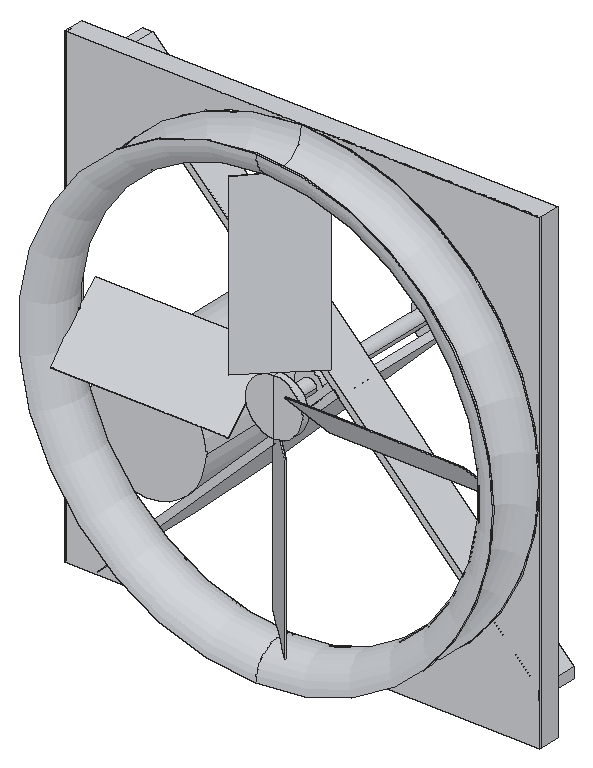
Revit family "XLW", category Mechanical Equipment, Revit 2019
Family settings
  Round Connector Dimension = Use Diameter
  Part Type = Normal
  Work Plane-Based = No
  Always vertical = Yes
  Cut with Voids When Loaded = No
  Shared = No
  Room Calculation Point = No
Parameters (values of type "60_XLW")
  Unit Weight [instance] = ""
  Sones [instance] = ""
  SIZE/2 = SIZE / 2  # 2' - 8 15/16"
  SIZE = D - 0' 0 1/8"  # 5' - 5 7/8"
  Motor RPM [instance] = ""
  Motor Enclosure [instance] = ""
  ModelID [instance] = ""
  MOTOR = D / 8  # 0' - 8 1/4"
  LwA [instance] = ""
  Fan RPM [instance] = ""
  D/2 = D / 2  # 2' - 9"
  D = 5' - 6"
  E/2 = E / 2  # 0' - 1 1/2"
  E = 0' - 3"
  C/2 = C / 2  # 0' - 3 15/16"
  C = 0' - 7 7/8"
  B/4 = B / 4  # 0' - 6 37/64"
  B/2 = B / 2  # 1' - 1 5/32"
  B-2.5" = B - 0' 2 1/2"  # 1' - 11 13/16"
  B = 2' - 2 5/16"
  Accessories [instance] = ""
  A/7 = A / 7  # 0' - 9.45536"
  A/3.5 = A / 3.5  # 1' - 6.91071"
  A/2 = A / 2  # 2' - 9 3/32"
  A = 5' - 6 3/16"
  9" = 0' - 9"  # constant formula
  45 = 45.00°
  4'6" = 4' - 6"  # constant formula
  3" = 0' - 3"  # constant formula
  Brake Hp [instance] = ""
  4" = 0' - 4"  # constant formula
  2E = E + E  # 0' - 6"
  2' = 2' - 0"
  2" = 0' - 2"  # constant formula
  1" = 0' - 1"  # constant formula
  0 = 0' - 0"  # constant formula
  Voltage [instance] = 0 V
  URL = "www.lorencook.com"
  Type Comments = "Low Pressure Wall Exhaust Fan Steel Propeller Belt Drive"  # constant formula
  Static Pressure [instance] = 0.00 in-wg
  Power [instance] = Voltage * Motor FLA * sqrt(if(Phase = 3, 3, 1))  # 0 VA
  Phase [instance] = 0
  Number of Poles [instance] = 1
  Motor Hp [instance] = "0"
  Motor FLA [instance] = 0 A
  Model = "XLW"  # constant formula
  Manufacturer = "Loren Cook Company"
  CFM [instance] = 0 CFM
  1.5 = 0' - 1 1/2"  # constant formula
  1/2 = 0' - 0 1/2"  # constant formula
  ONE EIGTH = 0' - 0 1/8"  # constant formula
  -D = -E  # -0' - 3"
  -C/2 = -C / 2  # -0' - 3 15/16"
  -B+1" = -B + 0' 2"  # -2' - 0 5/16"
  -B = -B  # -2' - 2 5/16"
  -((SIZE/2)-.25") = -((SIZE / 2) - 0' 0 1/4")  # -2' - 8 11/16"
  -((A/2)-C-.5") = -((A / 2) - C - 0' 0 1/2")  # -2' - 0 23/32"
  (SIZE/2)-.25" = (SIZE / 2) - 0' 0 1/4"  # 2' - 8 11/16"
  (D_SUP/2)-(C/2)-.125" = (D / 2) - (C / 2) - 0' 0 1/8"  # 2' - 4 15/16"
  (A/2)-C-.5" = (A / 2) - C - 0' 0 1/2"  # 2' - 0 23/32"
  (A/2)-1" = (A / 2) - 0' 0 1/4"  # 2' - 8 27/32"
Types (9): name | SIZE/2 | SIZE | MOTOR | D/2 | D | E/2 | E | C/2 | C | B/4 | B/2 | B-2.5" | B | A/7 | A/3.5 | A/2 | A | 2E | -D | -C/2 | -B+1" | -B | -((SIZE/2)-.25") | -((A/2)-C-.5") | (SIZE/2)-.25" | (D_SUP/2)-(C/2)-.125" | (A/2)-C-.5" | (A/2)-1"
  (no name) | 2' - 8 15/16" | 5' - 5 7/8" | 0' - 8 1/4" | 2' - 9" | 5' - 6" | 0' - 1 1/2" | 0' - 3" | 0' - 3 15/16" | 0' - 7 7/8" | 0' - 6 37/64" | 1' - 1 5/32" | 1' - 11 13/16" | 2' - 2 5/16" | 0' - 9.45536" | 1' - 6.91071" | 2' - 9 3/32" | 5' - 6 3/16" | 0' - 6" | -0' - 3" | -0' - 3 15/16" | -2' - 0 5/16" | -2' - 2 5/16" | -2' - 8 11/16" | -2' - 0 23/32" | 2' - 8 11/16" | 2' - 4 15/16" | 2' - 0 23/32" | 2' - 8 27/32"
  24_XLW | 1' - 2 15/16" | 2' - 5 7/8" | 0' - 3 3/4" | 1' - 3" | 2' - 6" | 0' - 1 1/2" | 0' - 3" | 0' - 3 3/8" | 0' - 6 3/4" | 0' - 4 49/64" | 0' - 9 17/32" | 1' - 4 9/16" | 1' - 7 1/16" | 0' - 4 5/16" | 0' - 8 5/8" | 1' - 3 3/32" | 2' - 6 3/16" | 0' - 6" | -0' - 3" | -0' - 3 3/8" | -1' - 5 1/16" | -1' - 7 1/16" | -1' - 2 11/16" | -0' - 7 27/32" | 1' - 2 11/16" | 0' - 11 1/2" | 0' - 7 27/32" | 1' - 2 27/32"
  30_XLW | 1' - 5 15/16" | 2' - 11 7/8" | 0' - 4 1/2" | 1' - 6" | 3' - 0" | 0' - 1 1/2" | 0' - 3" | 0' - 3 3/8" | 0' - 6 3/4" | 0' - 4 49/64" | 0' - 9 17/32" | 1' - 4 9/16" | 1' - 7 1/16" | 0' - 5.16964" | 0' - 10.33929" | 1' - 6 3/32" | 3' - 0 3/16" | 0' - 6" | -0' - 3" | -0' - 3 3/8" | -1' - 5 1/16" | -1' - 7 1/16" | -1' - 5 11/16" | -0' - 10 27/32" | 1' - 5 11/16" | 1' - 2 1/2" | 0' - 10 27/32" | 1' - 5 27/32"
  36_XLW | 1' - 8 15/16" | 3' - 5 7/8" | 0' - 5 1/4" | 1' - 9" | 3' - 6" | 0' - 1 1/2" | 0' - 3" | 0' - 3 11/16" | 0' - 7 3/8" | 0' - 4 49/64" | 0' - 9 17/32" | 1' - 4 9/16" | 1' - 7 1/16" | 0' - 6.02679" | 1' - 0.05357" | 1' - 9 3/32" | 3' - 6 3/16" | 0' - 6" | -0' - 3" | -0' - 3 11/16" | -1' - 5 1/16" | -1' - 7 1/16" | -1' - 8 11/16" | -1' - 1 7/32" | 1' - 8 11/16" | 1' - 5 3/16" | 1' - 1 7/32" | 1' - 8 27/32"
  42_XLW | 1' - 11 15/16" | 3' - 11 7/8" | 0' - 6" | 2' - 0" | 4' - 0" | 0' - 1 1/2" | 0' - 3" | 0' - 3 25/32" | 0' - 7 9/16" | 0' - 5 11/64" | 0' - 10 11/32" | 1' - 6 3/16" | 1' - 8 11/16" | 0' - 6.88393" | 1' - 1.76786" | 2' - 0 3/32" | 4' - 0 3/16" | 0' - 6" | -0' - 3" | -0' - 3 25/32" | -1' - 6 11/16" | -1' - 8 11/16" | -1' - 11 11/16" | -1' - 4 1/32" | 1' - 11 11/16" | 1' - 8 3/32" | 1' - 4 1/32" | 1' - 11 27/32"
  48_XLW | 2' - 2 15/16" | 4' - 5 7/8" | 0' - 6 3/4" | 2' - 3" | 4' - 6" | 0' - 1 1/2" | 0' - 3" | 0' - 3 15/16" | 0' - 7 7/8" | 0' - 6 37/64" | 1' - 1 5/32" | 1' - 11 13/16" | 2' - 2 5/16" | 0' - 7.74107" | 1' - 3.48214" | 2' - 3 3/32" | 4' - 6 3/16" | 0' - 6" | -0' - 3" | -0' - 3 15/16" | -2' - 0 5/16" | -2' - 2 5/16" | -2' - 2 11/16" | -1' - 6 23/32" | 2' - 2 11/16" | 1' - 10 15/16" | 1' - 6 23/32" | 2' - 2 27/32"
  54_XLW | 2' - 5 15/16" | 4' - 11 7/8" | 0' - 7 1/2" | 2' - 6" | 5' - 0" | 0' - 1 1/2" | 0' - 3" | 0' - 3 7/8" | 0' - 7 3/4" | 0' - 6 37/64" | 1' - 1 5/32" | 1' - 11 13/16" | 2' - 2 5/16" | 0' - 8.59821" | 1' - 5.19643" | 2' - 6 3/32" | 5' - 0 3/16" | 0' - 6" | -0' - 3" | -0' - 3 7/8" | -2' - 0 5/16" | -2' - 2 5/16" | -2' - 5 11/16" | -1' - 9 27/32" | 2' - 5 11/16" | 2' - 2" | 1' - 9 27/32" | 2' - 5 27/32"
  60_XLW | 2' - 8 15/16" | 5' - 5 7/8" | 0' - 8 1/4" | 2' - 9" | 5' - 6" | 0' - 1 1/2" | 0' - 3" | 0' - 3 15/16" | 0' - 7 7/8" | 0' - 6 37/64" | 1' - 1 5/32" | 1' - 11 13/16" | 2' - 2 5/16" | 0' - 9.45536" | 1' - 6.91071" | 2' - 9 3/32" | 5' - 6 3/16" | 0' - 6" | -0' - 3" | -0' - 3 15/16" | -2' - 0 5/16" | -2' - 2 5/16" | -2' - 8 11/16" | -2' - 0 23/32" | 2' - 8 11/16" | 2' - 4 15/16" | 2' - 0 23/32" | 2' - 8 27/32"
  20_XLW | 0' - 11 15/16" | 1' - 11 7/8" | 0' - 3" | 1' - 0" | 2' - 0" | 0' - 1" | 0' - 2" | 0' - 2 5/8" | 0' - 5 1/4" | 0' - 4 49/64" | 0' - 9 17/32" | 1' - 4 9/16" | 1' - 7 1/16" | 0' - 3.45536" | 0' - 6.91071" | 1' - 0 3/32" | 2' - 0 3/16" | 0' - 4" | -0' - 2" | -0' - 2 5/8" | -1' - 5 1/16" | -1' - 7 1/16" | -0' - 11 11/16" | -0' - 6 11/32" | 0' - 11 11/16" | 0' - 9 1/4" | 0' - 6 11/32" | 0' - 11 27/32"
Reference planes (in)
  plane 1 "Center (Front/Back)": y = 0
  plane 2: z = 0
  plane 3 "Center (Left/Right)": x = 0.40541
Forms (in)
  Revolve 1, solid
    sketch origin (0.40541, 0, 0) x (0, 1, 0) y (0, 0, 1)
      loop
        line (-4.9375, 3.9375) -> (-4.9375, 0) -> (-3.9375, 0) -> (-3.9375, 3.9375) -> (-4.9375, 3.9375)
      axis (-4.9375, 0) -> (-3.9375, 0)
    angle from 0 to 360
  Extrusion 2, solid
    sketch origin (0.40541, 0, 0) x (0, 1, 0) y (0, 0, 1)
      loop
        line (0, -3.9375) -> (-7.875, 3.9375) -> (-7.96339, 3.84911) -> (-0.08839, -4.02589) -> (0, -3.9375)
    from 48 to 3.9375 <- "C/2"
  Extrusion 3, solid
    sketch origin (0.40541, 0, 0) x (0, 1, 0) y (-1, 0, 0)
      loop
        line (0, -3.9375) -> (-7.875, 3.9375) -> (-7.96339, 3.84911) -> (-0.08839, -4.02589) -> (0, -3.9375)
    from 48 to 3.9375 <- "C/2"
  Extrusion 4, solid
    sketch origin (0.40541, 0, 0) x (0, 1, 0) y (0, 0, -1)
      loop
        line (0, -3.9375) -> (-7.875, 3.9375) -> (-7.96339, 3.84911) -> (-0.08839, -4.02589) -> (0, -3.9375)
    from 48 to 3.9375 <- "C/2"
  Extrusion 5, solid
    sketch origin (0.40541, 0, 0) x (1, 0, 0) y (0, 1, 0)
      loop
        line (-3.9375, 0) -> (-4.02589, -0.08839) -> (3.84911, -7.96339) -> (3.9375, -7.875) -> (-3.9375, 0)
    from -48 to -3.9375 <- "-C/2"
  Extrusion 6, void
    sketch origin (0, 0, 0) x (1, 0, 0) y (0, 0, 1)
      loop
        circle (0.40541, 0) r 28.9375
      loop
        circle (0.40541, 0) r 54
    from 0 to 10
  Extrusion 7, solid
    sketch origin (0, 0, 0) x (1, 0, 0) y (0, 0, 1)
      loop
        line (-32.68834, 33.09375) -> (-32.68834, -33.09375) -> (33.49916, -33.09375) -> (33.49916, 33.09375) -> (-32.68834, 33.09375)
      loop
        circle (0.40541, 0) r 33
    from 0 to -0.125
  Extrusion 8, solid
    sketch origin (0, 0, 0) x (1, 0, 0) y (0, 0, 1)
      loop
        line (-32.68834, 33.09375) -> (-32.68834, -33.09375) -> (33.49916, -33.09375) -> (33.49916, 33.09375) -> (-32.68834, 33.09375)
      loop
        line (33.37416, -32.96875) -> (33.37416, 32.96875) -> (-32.56334, 32.96875) -> (-32.56334, -32.96875) -> (33.37416, -32.96875)
    from 0 to -3 <- "-D"
  Extrusion 9, solid
    sketch origin (0, 0, 0) x (1, 0, 0) y (0, 0, 1)
      loop
        circle (0.40541, 0) r 1
    from 2 to -26.3125 <- "-B"
  Revolve 10, solid
    sketch origin (0.40541, 0, 0) x (0, 1, 0) y (0, 0, 1)
      loop
        arc (-0.125, 33) -> (-4.0625, 29.0625) -> (-8, 33) r 3.9375
        line (-8, 33) -> (-8.125, 33)
        arc (-8.125, 33) -> (-4.0625, 28.9375) -> (0, 33) r 4.0625
        line (0, 33) -> (-0.125, 33)
      axis (-8.125, 0) -> (0, 0)
    angle from 0 to 360
  Extrusion 11, solid
    sketch origin (0, 0.125, 0) x (-1, 0, 0) y (0, 0, 1)
      loop
        line (-33.24916, -27.1869) -> (26.78148, 32.84375) -> (25.36727, 32.84375) -> (-33.24916, -25.77268) -> (-33.24916, -27.1869)
    from 0 to 6 <- "2E"
  Extrusion 12, solid
    sketch origin (0, 0.125, 0) x (-1, 0, 0) y (0, 0, 1)
      loop
        line (-5.35516, 0.70711) -> (28.1957, -32.84375) -> (29.60991, -32.84375) -> (-4.64805, 1.41421) -> (-5.35516, 0.70711)
    from 0 to 23.8125 <- "B-2.5""
  Extrusion 13, solid
    sketch origin (0, 0.125, 0) x (-1, 0, 0) y (0, 0, 1)
      loop
        circle (21.31334, -12.87992) r 8.25
    from 0 to 23.8125 <- "B-2.5""
  Extrusion 14, solid
    sketch origin (0, 23.9375, 0) x (-1, 0, 0) y (0, 0, 1)
      loop
        circle (21.31334, -12.87992) r 0.5
    from 0 to 2.5
  Extrusion 15, solid
    sketch origin (0, 23.9375, 0) x (-1, 0, 0) y (0, 0, 1)
      loop
        circle (-0.40541, 0) r 1
      loop
        line (-3.94095, 0.70711) -> (0.30169, -3.53553) -> (1.0088, -2.82843) -> (0.11223, -1.93185)
        arc (0.11223, -1.93185) -> (1.0088, 1.41421) -> (-2.33726, 0.51764) r 2
        line (-2.33726, 0.51764) -> (-3.23384, 1.41421) -> (-3.94095, 0.70711)
    from -2.5 to -1
  Extrusion 16, solid
    sketch origin (0, 0.125, 0) x (1, 0, 0) y (0, 0, 1)
      loop
        circle (0.40541, 0) r 1
      loop
        arc (2.33726, 0.51764) -> (-1.0088, 1.41421) -> (-0.11223, -1.93185) r 2
        line (-0.11223, -1.93185) -> (-1.0088, -2.82843) -> (-0.30169, -3.53553) -> (3.94095, 0.70711) -> (3.23384, 1.41421) -> (2.33726, 0.51764)
    from -2.5 to -1
  Extrusion 17, void
    sketch origin (4.64805, 0.125, 1.41421) x (0.707107, 0, 0.707107) y (0, -1, 0)
      loop
        line (-48.44808, -23.8125) -> (-40.19808, -23.8125) -> (-48.44808, -15.5625) -> (-48.44808, -23.8125)
    from 0 to 12
Cuts and joins
  Extrusion 6 cuts Revolve 1
  Extrusion 6 cuts Extrusion 2
  Extrusion 6 cuts Extrusion 3
  Extrusion 6 cuts Extrusion 4
  Extrusion 6 cuts Extrusion 5
  Extrusion 17 cuts Extrusion 12
Dimensions and locks (in)
  "0": Revolve 1 sketch curve to level  (x2)
  "C/2": Revolve 1 sketch curve to level
  "C/2": plane 1 "Center (Front/Back)" to Revolve 1 sketch curve
  "1"": Revolve 1 sketch curve to Revolve 1 sketch curve
  "0": Extrusion 2 sketch curve to plane 1 "Center (Front/Back)"
  "C": plane 1 "Center (Front/Back)" to Extrusion 2 sketch curve
  "C/2": Extrusion 2 sketch curve to level
  "C/2": level to Extrusion 2 sketch curve
  "ONE EIGTH": Extrusion 2 sketch curve to Extrusion 2 sketch curve
  "ONE EIGTH": Extrusion 3 sketch curve to Extrusion 3 sketch curve
  "ONE EIGTH": Extrusion 4 sketch curve to Extrusion 4 sketch curve
  "ONE EIGTH": Extrusion 5 sketch curve to Extrusion 5 sketch curve
  Extrusion 6 sketch curve to plane 3 "Center (Left/Right)" = 0' - 0"  (x2)
  level to Extrusion 6 sketch curve = 0' - 0"
  Extrusion 6 sketch curve to level = 0' - 0"
  "0": Extrusion 3 sketch curve to plane 1 "Center (Front/Back)"
  "C": Extrusion 3 sketch curve to plane 1 "Center (Front/Back)"
  "C/2": plane 3 "Center (Left/Right)" to Extrusion 3 sketch curve
  "C/2": Extrusion 3 sketch curve to plane 3 "Center (Left/Right)"
  "C": plane 1 "Center (Front/Back)" to Extrusion 4 sketch curve
  "0": Extrusion 4 sketch curve to plane 1 "Center (Front/Back)"
  "C/2": level to Extrusion 4 sketch curve
  "C/2": Extrusion 4 sketch curve to level
  "0": Extrusion 5 sketch curve to plane 1 "Center (Front/Back)"
  "C": Extrusion 5 sketch curve to plane 1 "Center (Front/Back)"
  "C/2": plane 3 "Center (Left/Right)" to Extrusion 5 sketch curve
  "C/2": Extrusion 5 sketch curve to plane 3 "Center (Left/Right)"
  "A/2": plane 3 "Center (Left/Right)" to Extrusion 7 sketch curve
  "A/2": Extrusion 7 sketch curve to plane 3 "Center (Left/Right)"
  "A/2": Extrusion 7 sketch curve to level
  "A/2": level to Extrusion 7 sketch curve
  "0": Extrusion 7 sketch curve to level
  "0": Extrusion 7 sketch curve to plane 3 "Center (Left/Right)"
  "ONE EIGTH": Extrusion 8 sketch curve to Extrusion 8 sketch curve  (x4)
  "A/2": plane 3 "Center (Left/Right)" to Extrusion 8 sketch curve  (x2)
  "A/2": level to Extrusion 8 sketch curve
  "A/2": Extrusion 8 sketch curve to level
  "0": Extrusion 9 sketch curve to level
  "0": Extrusion 9 sketch curve to plane 3 "Center (Left/Right)"
  "0": Revolve 10 sketch curve to level
  "D/2": Revolve 10 sketch curve to level  (x2)
  "C": Revolve 10 sketch curve to Revolve 10 sketch curve
  "ONE EIGTH": plane 1 "Center (Front/Back)" to Revolve 10 sketch curve
  "ONE EIGTH": Revolve 10 sketch curve to Revolve 10 sketch curve  (x2)
  "0": Revolve 10 sketch curve to Revolve 10 sketch curve
  "3"": Extrusion 9 to Extrusion 11 sketch curve
  "1"": Extrusion 11 sketch curve to Extrusion 11 sketch curve
  "ONE EIGTH": Extrusion 11 sketch curve to Extrusion 8
  "ONE EIGTH": Extrusion 8 to Extrusion 11 sketch curve
  "ONE EIGTH": Extrusion 8 to Extrusion 12 sketch curve
  "0": Extrusion 12 sketch curve to Extrusion 11
  "1"": Extrusion 12 sketch curve to Extrusion 12 sketch curve
  "1"": Extrusion 12 sketch curve to Extrusion 9
  "0": Extrusion 13 sketch curve to Extrusion 12
  "3"": Extrusion 13 sketch curve to Extrusion 8
  "MOTOR": Extrusion 14 sketch curve to Extrusion 12
  "MOTOR": Extrusion 14 sketch curve to Extrusion 13
  "0": Extrusion 15 sketch curve to plane 3 "Center (Left/Right)"
  "0": Extrusion 15 sketch curve to level
  "0": Extrusion 12 to Extrusion 15 sketch curve
  "1"": Extrusion 15 sketch curve to Extrusion 15 sketch curve  (x2)
  "3"": plane 3 "Center (Left/Right)" to Extrusion 15 sketch curve  (x2)
  "0": Extrusion 16 sketch curve to plane 3 "Center (Left/Right)"  (x2)
  "0": Extrusion 16 sketch curve to level  (x2)
  "3"": plane 3 "Center (Left/Right)" to Extrusion 16 sketch curve  (x2)
  "0": Extrusion 16 sketch curve to Extrusion 12
  "1"": Extrusion 16 sketch curve to Extrusion 16 sketch curve  (x2)
  "0": plane 3 "Center (Left/Right)" to Extrusion 15 sketch curve
  "0": level to Extrusion 15 sketch curve
  "0": Extrusion 17 sketch curve to Extrusion 12  (x2)
  "MOTOR": Extrusion 17 sketch curve to Extrusion 17 sketch curve  (x2)
  "(D_SUP/2)-(C/2)-.125"": radius of Extrusion 6 sketch curve
  "D/2": radius of Extrusion 7 sketch curve
  "1"": radius of Extrusion 9 sketch curve
  "4'6"": radius of Extrusion 6 sketch curve
  "MOTOR": radius of Extrusion 13 sketch curve
  "1/2": radius of Extrusion 14 sketch curve
  "1"": radius of Extrusion 15 sketch curve
  "2"": radius of Extrusion 16 sketch curve
  "1"": radius of Extrusion 16 sketch curve
  "2"": radius of Extrusion 15 sketch curve
  "45": angle Extrusion 11 sketch curve to plane 3 "Center (Left/Right)"
  "45": angle Extrusion 12 sketch curve to Extrusion 8
Automatic sketch dimensions
  Revolve 1 sketch curve to plane 1 "Center (Front/Back)" = 0' - 0"
  Revolve 1 sketch curve to Revolve 1 sketch curve = 2' - 2"
  plane 1 "Center (Front/Back)" to Revolve 10 sketch curve = 0' - 3 1/4"
  Revolve 10 sketch curve to Revolve 10 sketch curve = 0' - 1.44822"
Connectors (in)
  hvac at (0.40541, 3, 0), driven by "A", driven by "A", driven by "CFM"
    settings: on Extrusion 8, index 1, duct flow 0 CFM, flow factor 0, pres drop 0.00 in-wg, loss coef 0, conn angle 0.00°, conn width 66 3/16", conn height 66 3/16", conn diameter 24", duct sys type 3, conn prof type 1, flow config 0, flow direction 2, loss method 0, conn ref index -1, conn util no, is conn primary yes, conn desc ""
  electrical at (-21.31334, 0.125, -12.87992)
    settings: on Extrusion 13, index 2, voltage 0 V, apparent load 0 VA, apparent load phase1 0 VA, apparent load phase2 0 VA, apparent load phase3 0 VA, power factor 1, load classification "Other", number of poles 1, system type 30, power factor state 1, is connector primary yes, connector utility no, sub classification motor no, connector description ""
